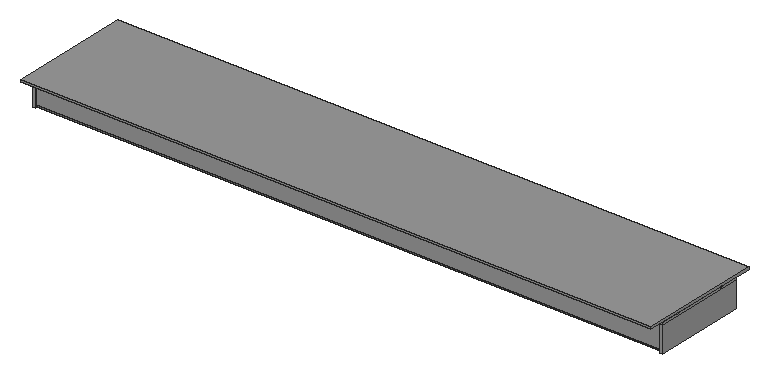
Revit family "Berica 2.2 M", category Lighting Fixtures, Revit 2020 (continued)
Definition of nested family "Light Source Berica 2.2"
  Parameters (values of type "L 45°x96°")
      629.48 1656.89 1682.56 \r\n1704.63 1725.63 1743.63 1758.08 1770.85 1781.22 1787.80 \r\n1792.52 1796.07 1798.62 1798.52 1796.12 \r\n1796.12 1798.30 1798.52 1797.44 1793.59 1789.14 1783.46 \r\n1775.60 1766.19 1752.48 1738.49 1722.19 1702.79 1681.23 \r\n1657.74 1631.53 1604.12 1574.01 1542.22 1509.27 1472.76 \r\n1436.51 1399.06 1356.45 1316.14 1274.62 1233.87 1188.74 \r\n1146.73 1102.93 1065.75 1022.42 983.89 945.14 906.12 \r\n869.02 834.65 800.54 769.95 742.24 713.35 687.32 662.17 \r\n640.49 618.23 598.41 579.15 561.41 545.02 528.31 513.09 \r\n497.69 483.84 469.31 455.73 441.99 429.39 416.25 404.26 \r\n390.90 378.43 366.37 353.49 341.21 329.41 317.65 306.43 \r\n293.58 282.61 270.77 260.06 249.96 240.06 230.89 221.32 \r\n213.16 203.82 196.16 188.34 180.47 173.73 165.85 159.81 \r\n153.48 147.87 142.92 138.45 135.07 131.62 129.70 128.71 \r\n129.70 131.62 135.07 138.45 142.92 147.87 153.48 159.81 \r\n165.85 173.73 180.47 188.34 196.16 203.82 213.16 221.32 \r\n230.89 240.06 249.96 260.06 270.77 282.61 293.58 306.43 \r\n317.65 329.41 341.21 353.49 366.37 378.43 390.90 404.26 \r\n416.25 429.39 441.99 455.73 469.31 483.84 497.69 513.09 \r\n528.31 545.02 561.41 579.15 598.41 618.23 640.49 662.17 \r\n687.32 713.35 742.24 769.95 800.54 834.65 869.02 906.12 \r\n945.14 983.89 1022.42 1065.75 1102.93 1146.73 1188.74 \r\n1233.87 1274.62 1316.14 1356.45 1399.06 1436.51 1472.76 \r\n1509.27 1542.22 1574.01 1604.12 1631.53 1657.74 1681.23 \r\n1702.79 1722.19 1738.49 1752.48 1766.19 1775.60 1783.46 \r\n1789.14 1793.59 1797.44 1798.52 1798.30 1796.12 \r\n1796.12 1797.82 1798.04 1796.44 1794.48 1789.90 1784.20 \r\n1778.01 1770.86 1760.68 1748.66 1735.06 1720.35 1702.42 \r\n1681.78 1659.40 1637.02 1610.20 1583.31 1552.29 1521.85 \r\n1490.60 1454.96 1421.53 1385.22 1346.51 1308.29 1271.37 \r\n1228.29 1188.31 1148.96 1108.98 1070.49 1026.11 988.44 \r\n952.34 912.02 876.83 842.95 807.58 777.79 744.32 717.45 \r\n690.24 663.65 639.46 616.89 594.24 573.10 553.61 534.94 \r\n517.41 498.83 482.33 467.09 451.22 436.68 421.55 406.81 \r\n393.50 379.27 366.41 352.11 339.28 326.72 314.55 300.69 \r\n289.50 276.35 264.57 252.97 240.80 230.27 219.80 209.72 \r\n200.39 191.06 182.51 173.64 165.36 158.07 150.66 143.20 \r\n136.33 130.36 123.78 118.84 114.56 111.82 109.32 108.73 \r\n109.32 111.82 114.56 118.84 123.78 130.36 136.33 143.20 \r\n150.66 158.07 165.36 173.64 182.51 191.06 200.39 209.72 \r\n219.80 230.27 240.80 252.97 264.57 276.35 289.50 300.69 \r\n314.55 326.72 339.28 352.11 366.41 379.27 393.50 406.81 \r\n421.55 436.68 451.22 467.09 482.33 498.83 517.41 534.94 \r\n553.61 573.10 594.24 616.89 639.46 663.65 690.24 717.45 \r\n744.32 777.79 807.58 842.95 876.83 912.02 952.34 988.44 \r\n1026.11 1070.49 1108.98 1148.96 1188.31 1228.29 1271.37 \r\n1308.29 1346.51 1385.22 1421.53 1454.96 1490.60 1521.85 \r\n1552.29 1583.31 1610.20 1637.02 1659.40 1681.78 1702.42 \r\n1720.35 1735.06 1748.66 1760.68 1770.86 1778.01 1784.20 \r\n1789.90 1794.48 1796.44 1798.04 1797.82 1796.12 \r\n1796.12 1798.62 1798.85 1797.24 1795.25 1791.72 1787.34 \r\n1781.46 1774.83 1768.13 1757.90 1747.44 1734.06 1720.60 \r\n1704.07 1685.63 1665.38 1642.78 1619.69 1595.38 1570.18 \r\n1540.69 1513.12 1481.39 1450.01 1416.02 1383.55 1348.69 \r\n1312.03 1273.90 1236.95 1201.54 1157.97 1122.20 1078.86 \r\n1042.71 1001.72 962.84 927.53 889.13 854.41 821.66 786.09 \r\n754.75 725.88 695.36 667.55 641.47 615.57 591.62 568.11 \r\n546.36 524.90 504.17 485.06 467.33 448.95 433.00 415.10 \r\n398.96 383.39 368.58 353.88 338.51 324.82 311.40 297.87 \r\n284.65 270.96 259.39 246.21 234.51 222.94 211.11 200.35 \r\n189.88 179.30 170.00 160.64 151.64 144.00 134.81 127.69 \r\n119.46 112.45 105.83 99.40 95.04 91.26 88.75 87.87 88.75 \r\n91.26 95.04 99.40 105.83 112.45 119.46 127.69 134.81 \r\n144.00 151.64 160.64 170.00 179.30 189.88 200.35 211.11 \r\n222.94 234.51 246.21 259.39 270.96 284.65 297.87 311.40 \r\n324.82 338.51 353.88 368.58 383.39 398.96 415.10 433.00 \r\n448.95 467.33 485.06 504.17 524.90 546.36 568.11 591.62 \r\n615.57 641.47 667.55 695.36 725.88 754.75 786.09 821.66 \r\n854.41 889.13 927.53 962.84 1001.72 1042.71 1078.86 \r\n1122.20 1157.97 1201.54 1236.95 1273.90 1312.03 1348.69 \r\n1383.55 1416.02 1450.01 1481.39 1513.12 1540.69 1570.18 \r\n1595.38 1619.69 1642.78 1665.38 1685.63 1704.07 1720.60 \r\n1734.06 1747.44 1757.90 1768.13 1774.83 1781.46 1787.34 \r\n1791.72 1795.25 1797.24 1798.85 1798.62 1796.12 \r\n1796.12 1797.93 1797.86 1796.23 1794.95 1791.96 1788.10 \r\n1782.79 1777.15 1770.16 1763.72 1754.77 1744.75 1733.45 \r\n1719.02 1704.13 1687.84 1669.18 1650.43 1629.66 1607.20 \r\n1583.93 1560.15 1533.20 1506.98 1477.46 1448.19 1418.56 \r\n1384.89 1353.94 1320.82 1284.88 1249.20 1213.10 1173.74 \r\n1137.39 1099.98 1062.19 1021.14 982.39 945.16 910.18 \r\n871.25 837.49 802.00 767.11 736.07 701.71 674.06 642.82 \r\n616.51 589.06 563.47 538.42 514.60 492.09 470.00 450.85 \r\n428.72 411.11 391.18 374.35 356.26 340.05 323.12 309.47 \r\n293.87 280.35 266.31 253.05 240.23 226.92 215.21 203.63 \r\n191.56 180.08 169.98 159.01 149.45 139.06 130.27 120.96 \r\n112.47 103.95 95.60 87.93 80.62 75.47 70.71 68.31 67.17 \r\n68.31 70.71 75.47 80.62 87.93 95.60 103.95 112.47 120.96 \r\n130.27 139.06 149.45 159.01 169.98 180.08 191.56 203.63 \r\n215.21 226.92 240.23 253.05 266.31 280.35 293.87 309.47 \r\n323.12 340.05 356.26 374.35 391.18 411.11 428.72 450.85 \r\n470.00 492.09 514.60 538.42 563.47 589.06 616.51 642.82 \r\n674.06 701.71 736.07 767.11 802.00 837.49 871.25 910.18 \r\n945.16 982.39 1021.14 1062.19 1099.98 1137.39 1173.74 \r\n1213.10 1249.20 1284.88 1320.82 1353.94 1384.89 1418.56 \r\n1448.19 1477.46 1506.98 1533.20 1560.15 1583.93 1607.20 \r\n1629.66 1650.43 1669.18 1687.84 1704.13 1719.02 1733.45 \r\n1744.75 1754.77 1763.72 1770.16 1777.15 1782.79 1788.10 \r\n1791.96 1794.95 1796.23 1797.86 1797.93 1796.12 \r\n1796.12 1797.86 1798.09 1797.13 1795.43 1793.51 1790.08 \r\n1786.04 1780.39 1774.52 1767.65 1760.40 1751.70 1742.87 \r\n1730.87 1719.07 1705.85 1690.06 1674.81 1656.83 1639.82 \r\n1619.79 1598.88 1577.30 1553.95 1530.06 1504.08 1478.59 \r\n1449.23 1420.38 1391.88 1362.72 1329.45 1295.35 1263.17 \r\n1226.31 1191.33 1154.07 1117.91 1083.73 1041.90 1005.11 \r\n965.95 927.27 891.72 853.35 818.76 781.30 745.46 712.33 \r\n680.15 647.00 616.47 586.71 558.14 530.99 503.89 477.80 \r\n454.53 431.33 408.23 386.41 365.67 347.08 326.66 311.11 \r\n293.10 277.22 261.46 246.67 233.01 219.15 206.39 194.47 \r\n182.36 170.71 159.73 148.59 138.90 128.36 117.96 107.98 \r\n98.58 89.28 80.39 72.01 64.31 57.49 52.32 49.02 48.33 \r\n49.02 52.32 57.49 64.31 72.01 80.39 89.28 98.58 107.98 \r\n117.96 128.36 138.90 148.59 159.73 170.71 182.36 194.47 \r\n206.39 219.15 233.01 246.67 261.46 277.22 293.10 311.11 \r\n326.66 347.08 365.67 386.41 408.23 431.33 454.53 477.80 \r\n503.89 530.99 558.14 586.71 616.47 647.00 680.15 712.33 \r\n745.46 781.30 818.76 853.35 891.72 927.27 965.95 1005.11 \r\n1041.90 1083.73 1117.91 1154.07 1191.33 1226.31 1263.17 \r\n1295.35 1329.45 1362.72 1391.88 1420.38 1449.23 1478.59 \r\n1504.08 1530.06 1553.95 1577.30 1598.88 1619.79 1639.82 \r\n1656.83 1674.81 1690.06 1705.85 1719.07 1730.87 1742.87 \r\n1751.70 1760.40 1767.65 1774.52 1780.39 1786.04 1790.08 \r\n1793.51 1795.43 1797.13 1798.09 1797.86 1796.12 \r\n1796.12 1797.24 1797.34 1795.96 1794.68 1792.33 1789.74 \r\n1785.46 1780.60 1774.92 1770.06 1763.13 1754.45 1745.65 \r\n1736.26 1724.67 1713.00 1700.77 1687.24 1672.53 1657.55 \r\n1640.55 1622.92 1603.77 1585.11 1565.08 1543.53 1519.46 \r\n1496.22 1471.48 1446.51 1419.60 1391.15 1362.67 1331.00 \r\n1298.58 1265.50 1232.22 1198.99 1162.94 1128.70 1089.75 \r\n1050.30 1014.76 974.75 937.11 897.86 862.08 822.82 787.56 \r\n749.74 712.93 675.56 643.14 609.87 576.76 545.04 515.51 \r\n487.81 458.22 433.00 407.03 382.41 359.55 337.71 317.66 \r\n296.69 277.89 259.82 242.60 227.36 211.19 197.11 183.36 \r\n170.82 159.47 147.11 136.06 125.40 114.44 104.39 93.54 \r\n83.96 74.36 65.71 56.45 47.87 40.33 34.63 30.14 29.10 \r\n30.14 34.63 40.33 47.87 56.45 65.71 74.36 83.96 93.54 \r\n104.39 114.44 125.40 136.06 147.11 159.47 170.82 183.36 \r\n197.11 211.19 227.36 242.60 259.82 277.89 296.69 317.66 \r\n337.71 359.55 382.41 407.03 433.00 458.22 487.81 515.51 \r\n545.04 576.76 609.87 643.14 675.56 712.93 749.74 787.56 \r\n822.82 862.08 897.86 937.11 974.75 1014.76 1050.30 \r\n1089.75 1128.70 1162.94 1198.99 1232.22 1265.50 1298.58 \r\n1331.00 1362.67 1391.15 1419.60 1446.51 1471.48 1496.22 \r\n1519.46 1543.53 1565.08 1585.11 1603.77 1622.92 1640.55 \r\n1657.55 1672.53 1687.24 1700.77 1713.00 1724.67 1736.26 \r\n1745.65 1754.45 1763.13 1770.06 1774.92 1780.60 1785.46 \r\n1789.74 1792.33 1794.68 1795.96 1797.34 1797.24 1796.12 \r\n1796.12 1796.17 1796.34 1794.67 1793.18 1791.29 1788.07 \r\n1784.45 1779.97 1774.96 1769.21 1763.34 1755.52 1747.68 \r\n1738.83 1728.06 1717.09 1706.43 1693.53 1679.57 1664.01 \r\n1648.55 1633.34 1615.19 1599.48 1579.93 1561.26 1540.47 \r\n1519.16 1495.50 1474.13 1451.24 1426.25 1401.33 1373.38 \r\n1345.20 1315.68 1284.27 1252.84 1221.20 1186.26 1151.78 \r\n1113.10 1078.90 1039.27 1001.73 960.69 922.42 883.81 \r\n843.19 805.04 766.34 728.36 690.82 650.93 615.72 581.63 \r\n546.90 515.71 483.93 454.38 424.05 398.34 372.41 346.56 \r\n324.49 301.19 279.50 259.16 239.58 222.68 204.19 189.13 \r\n173.81 159.48 146.57 134.07 121.91 110.15 98.91 89.27 \r\n78.69 68.58 59.13 49.57 41.40 32.15 25.05 18.87 14.32 \r\n13.46 14.32 18.87 25.05 32.15 41.40 49.57 59.13 68.58 \r\n78.69 89.27 98.91 110.15 121.91 134.07 146.57 159.48 \r\n173.81 189.13 204.19 222.68 239.58 259.16 279.50 301.19 \r\n324.49 346.56 372.41 398.34 424.05 454.38 483.93 515.71 \r\n546.90 581.63 615.72 650.93 690.82 728.36 766.34 805.04 \r\n843.19 883.81 922.42 960.69 1001.73 1039.27 1078.90 \r\n1113.10 1151.78 1186.26 1221.20 1252.84 1284.27 1315.68 \r\n1345.20 1373.38 1401.33 1426.25 1451.24 1474.13 1495.50 \r\n1519.16 1540.47 1561.26 1579.93 1599.48 1615.19 1633.34 \r\n1648.55 1664.01 1679.57 1693.53 1706.43 1717.09 1728.06 \r\n1738.83 1747.68 1755.52 1763.34 1769.21 1774.96 1779.97 \r\n1784.45 1788.07 1791.29 1793.18 1794.67 1796.34 1796.17 \r\n1796.12 \r\n1796.12 1796.33 1795.80 1794.31 1792.30 1789.58 1786.82 \r\n1783.96 1778.95 1773.09 1767.33 1761.68 1753.82 1746.64 \r\n1736.51 1727.02 1716.51 1704.58 1691.36 1678.24 1664.64 \r\n1649.82 1634.03 1617.30 1601.08 1582.78 1564.94 1544.82 \r\n1524.63 1502.56 1481.29 1457.39 1433.44 1410.79 1384.47 \r\n1357.48 1326.61 1297.17 1267.16 1236.66 1201.68 1167.61 \r\n1132.39 1093.14 1057.15 1017.59 979.44 940.32 899.69 \r\n860.46 818.90 779.36 740.21 698.11 663.50 624.59 587.13 \r\n550.81 517.19 486.02 454.03 423.05 395.85 368.86 340.85 \r\n316.50 292.55 271.53 249.87 230.01 210.17 193.40 177.50 \r\n161.31 146.84 133.87 120.78 108.97 96.70 85.91 75.46 \r\n65.48 55.78 46.56 37.64 29.00 20.85 14.13 8.47 4.56 3.25 \r\n4.56 8.47 14.13 20.85 29.00 37.64 46.56 55.78 65.48 75.46 \r\n85.91 96.70 108.97 120.78 133.87 146.84 161.31 177.50 \r\n193.40 210.17 230.01 249.87 271.53 292.55 316.50 340.85 \r\n368.86 395.85 423.05 454.03 486.02 517.19 550.81 587.13 \r\n624.59 663.50 698.11 740.21 779.36 818.90 860.46 899.69 \r\n940.32 979.44 1017.59 1057.15 1093.14 1132.39 1167.61 \r\n1201.68 1236.66 1267.16 1297.17 1326.61 1357.48 1384.47 \r\n1410.79 1433.44 1457.39 1481.29 1502.56 1524.63 1544.82 \r\n1564.94 1582.78 1601.08 1617.30 1634.03 1649.82 1664.64 \r\n1678.24 1691.36 1704.58 1716.51 1727.02 1736.51 1746.64 \r\n1753.82 1761.68 1767.33 1773.09 1778.95 1783.96 1786.82 \r\n1789.58 1792.30 1794.31 1795.80 1796.33 1796.12 \r\n1796.12 1794.86 1793.29 1790.52 1788.60 1785.60 1780.89 \r\n1776.72 1771.55 1765.90 1759.08 1751.24 1743.20 1734.33 \r\n1724.22 1713.45 1701.59 1689.16 1675.93 1660.99 1645.91 \r\n1629.54 1612.96 1595.57 1578.95 1559.52 1538.56 1518.62 \r\n1497.76 1474.40 1451.86 1428.82 1403.36 1377.53 1350.27 \r\n1321.13 1293.54 1262.09 1230.40 1195.31 1163.50 1128.77 \r\n1091.71 1054.83 1015.43 976.60 938.38 897.52 858.68 \r\n818.03 778.90 739.82 699.61 662.08 623.28 587.16 549.45 \r\n515.88 484.19 451.48 422.12 393.41 364.32 339.38 312.68 \r\n289.42 265.98 246.11 226.22 206.42 188.78 171.23 156.66 \r\n141.12 128.98 116.28 104.07 93.13 82.34 72.98 62.98 54.43 \r\n45.99 37.71 30.09 22.57 16.43 9.93 5.54 2.29 1.69 2.29 \r\n5.54 9.93 16.43 22.57 30.09 37.71 45.99 54.43 62.98 72.98 \r\n82.34 93.13 104.07 116.28 128.98 141.12 156.66 171.23 \r\n188.78 206.42 226.22 246.11 265.98 289.42 312.68 339.38 \r\n364.32 393.41 422.12 451.48 484.19 515.88 549.45 587.16 \r\n623.28 662.08 699.61 739.82 778.90 818.03 858.68 897.52 \r\n938.38 976.60 1015.43 1054.83 1091.71 1128.77 1163.50 \r\n1195.31 1230.40 1262.09 1293.54 1321.13 1350.27 1377.53 \r\n1403.36 1428.82 1451.86 1474.40 1497.76 1518.62 1538.56 \r\n1559.52 1578.95 1595.57 1612.96 1629.54 1645.91 1660.99 \r\n1675.93 1689.16 1701.59 1713.45 1724.22 1734.33 1743.20 \r\n1751.24 1759.08 1765.90 1771.55 1776.72 1780.89 1785.60 \r\n1788.60 1790.52 1793.29 1794.86 1796.12 \r\n1796.12 1794.36 1792.21 1789.10 1784.98 1780.82 1775.30 \r\n1770.38 1763.77 1756.30 1747.99 1738.08 1728.27 1718.19 \r\n1706.00 1693.58 1680.07 1666.34 1650.67 1635.15 1618.13 \r\n1599.47 1582.60 1562.56 1542.48 1520.95 1497.82 1474.72 \r\n1450.99 1425.79 1399.67 1372.14 1343.30 1315.76 1283.63 \r\n1253.17 1218.68 1186.98 1150.37 1116.18 1082.57 1041.94 \r\n1006.29 966.44 928.16 890.03 848.22 811.72 772.53 733.46 \r\n696.66 658.19 623.55 587.81 551.59 521.17 489.94 458.05 \r\n427.92 399.66 372.86 347.24 321.07 299.58 275.82 254.64 \r\n234.48 214.87 196.93 178.85 161.71 145.00 130.46 114.74 \r\n102.21 88.64 76.82 64.97 56.06 48.01 41.15 35.07 28.96 \r\n23.16 17.94 12.79 8.06 4.24 1.96 0.80 0.54 0.80 1.96 4.24 \r\n8.06 12.79 17.94 23.16 28.96 35.07 41.15 48.01 56.06 \r\n64.97 76.82 88.64 102.21 114.74 130.46 145.00 161.71 \r\n178.85 196.93 214.87 234.48 254.64 275.82 299.58 321.07 \r\n347.24 372.86 399.66 427.92 458.05 489.94 521.17 551.59 \r\n587.81 623.55 658.19 696.66 733.46 772.53 811.72 848.22 \r\n890.03 928.16 966.44 1006.29 1041.94 1082.57 1116.18 \r\n1150.37 1186.98 1218.68 1253.17 1283.63 1315.76 1343.30 \r\n1372.14 1399.67 1425.79 1450.99 1474.72 1497.82 1520.95 \r\n1542.48 1562.56 1582.60 1599.47 1618.13 1635.15 1650.67 \r\n1666.34 1680.07 1693.58 1706.00 1718.19 1728.27 1738.08 \r\n1747.99 1756.30 1763.77 1770.38 1775.30 1780.82 1784.98 \r\n1789.10 1792.21 1794.36 1796.12 \r\n1796.12 1793.99 1790.95 1786.70 1781.24 1776.98 1770.43 \r\n1762.79 1754.15 1744.02 1734.19 1722.99 1712.14 1700.83 \r\n1685.16 1671.61 1656.07 1638.55 1620.00 1600.56 1579.52 \r\n1559.53 1536.71 1512.72 1489.77 1462.59 1438.81 1409.46 \r\n1381.50 1351.04 1323.28 1290.42 1260.93 1225.64 1194.21 \r\n1158.91 1122.78 1088.75 1050.80 1012.58 976.01 937.35 \r\n897.19 858.77 818.71 781.59 741.37 707.39 673.77 636.62 \r\n603.53 569.46 538.60 506.25 475.75 445.75 419.62 393.45 \r\n365.69 341.90 317.95 294.55 269.00 245.72 220.51 197.73 \r\n179.07 160.94 141.58 121.72 101.70 84.99 69.10 57.10 \r\n48.08 40.31 34.88 30.05 25.38 21.53 17.99 14.72 11.86 \r\n8.95 6.28 3.82 1.95 0.81 0.40 0.29 0.29 0.29 0.40 0.81 \r\n1.95 3.82 6.28 8.95 11.86 14.72 17.99 21.53 25.38 30.05 \r\n34.88 40.31 48.08 57.10 69.10 84.99 101.70 121.72 141.58 \r\n160.94 179.07 197.73 220.51 245.72 269.00 294.55 317.95 \r\n341.90 365.69 393.45 419.62 445.75 475.75 506.25 538.60 \r\n569.46 603.53 636.62 673.77 707.39 741.37 781.59 818.71 \r\n858.77 897.19 937.35 976.01 1012.58 1050.80 1088.75 \r\n1122.78 1158.91 1194.21 1225.64 1260.93 1290.42 1323.28 \r\n1351.04 1381.50 1409.46 1438.81 1462.59 1489.77 1512.72 \r\n1536.71 1559.53 1579.52 1600.56 1620.00 1638.55 1656.07 \r\n1671.61 1685.16 1700.83 1712.14 1722.99 1734.19 1744.02 \r\n1754.15 1762.79 1770.43 1776.98 1781.24 1786.70 1790.95 \r\n1793.99 1796.12 \r\n1796.12 1792.60 1787.85 1782.90 1777.04 1769.85 1761.80 \r\n1752.84 1742.47 1731.26 1719.81 1706.91 1692.53 1677.48 \r\n1657.68 1640.57 1620.98 1602.15 1578.21 1554.83 1529.79 \r\n1504.73 1479.61 1453.22 1424.40 1395.65 1364.54 1332.04 \r\n1301.11 1266.74 1233.21 1198.18 1162.46 1125.54 1086.02 \r\n1050.30 1013.03 972.37 934.49 895.49 857.36 819.81 780.92 \r\n742.00 706.25 671.28 636.42 603.80 571.14 541.82 509.91 \r\n482.34 453.65 426.38 398.93 369.98 339.94 308.16 277.33 \r\n254.66 233.69 211.07 185.80 160.99 136.88 113.79 94.62 \r\n75.64 62.08 50.99 39.80 32.83 28.31 24.48 20.49 16.80 \r\n13.79 11.80 10.01 8.50 6.83 5.46 4.03 2.91 1.85 1.06 0.54 \r\n0.34 0.25 0.24 0.24 0.24 0.25 0.34 0.54 1.06 1.85 2.91 \r\n4.03 5.46 6.83 8.50 10.01 11.80 13.79 16.80 20.49 24.48
